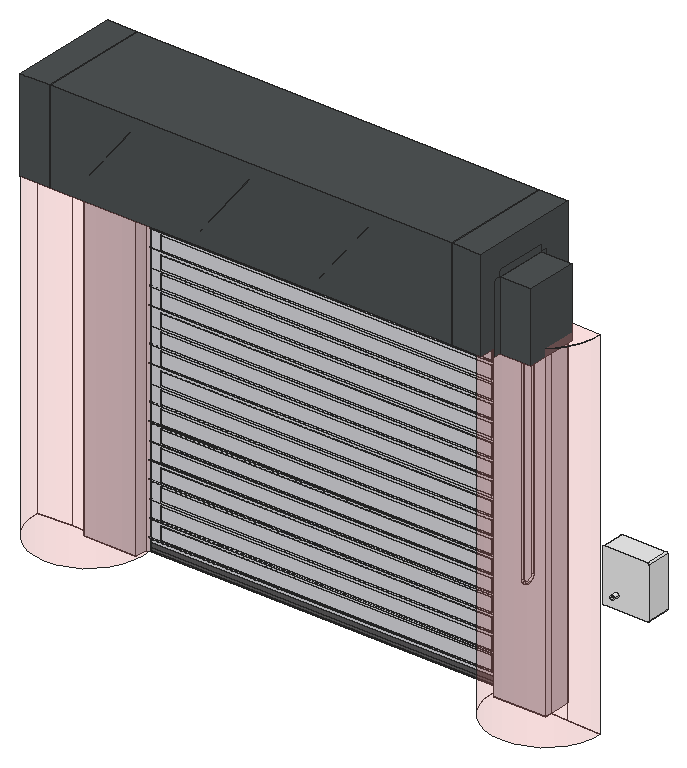
Revit family "RapidView-High-Speed-Exterior-Metal-Door_OHD_Model-999_compact", category Specialty Equipment, host Wall, Revit 2023 (continued)
Definition of nested family "Lifts"
  Definition of nested family "General Motor"
    Dimensions and locks (in)
      aligned and locked: Revolve 1 sketch curve to Revolve 1 sketch curve
      aligned and locked: plane 7 to Sweep 10 sketch curve  (x2)
      aligned and locked: plane 8 to Sweep 10 sketch curve  (x2)
      aligned and locked: Extrusion 11 to plane 9
      aligned and locked: Extrusion 13 sketch curve to Extrusion 13 sketch curve
      aligned and locked: cut or joined group of Extrusion 11, Extrusion 12, Extrusion 13 to Extrusion 13 sketch curve
      aligned and locked: Extrusion 13 sketch curve to cut or joined group of Extrusion 11, Extrusion 12, Extrusion 13
    Automatic sketch dimensions
      Revolve 1 sketch curve to plane 5 = 0' - 0"
      Revolve 1 sketch curve to plane 4 = 0' - 1.965"
      Revolve 1 sketch curve to level = 0' - 4.941"
      Revolve 1 sketch curve to Revolve 1 sketch curve = 0' - 0.256"
      Revolve 1 sketch curve to Revolve 1 sketch curve = 0' - 1.142"
      Revolve 1 sketch curve to Revolve 1 sketch curve = 0' - 4.843"
      Revolve 1 sketch curve to Revolve 1 sketch curve = 0' - 1.339"
      Revolve 1 sketch curve to Revolve 1 sketch curve = 0' - 2.48"
      plane 5 to Revolve 1 sketch curve = 0' - 1.347"
      Revolve 1 sketch curve to plane 1 "Center (Front/Back)" = 0' - 8.066"
      Revolve 1 sketch curve to Revolve 1 sketch curve = 0' - 1.07288"
      Revolve 1 sketch curve to Revolve 1 sketch curve = 0' - 0.62812"
      Revolve 1 sketch curve to Revolve 1 sketch curve = 0' - 0.651"
      Revolve 1 sketch curve to plane 1 "Center (Front/Back)" = 0' - 5.704"
      Revolve 1 sketch curve to Revolve 1 sketch curve = 0' - 0.128"
      Revolve 1 sketch curve to Revolve 1 sketch curve = 0' - 0.067"
      Revolve 1 sketch curve to Revolve 1 sketch curve = 0' - 2.598"
      Extrusion 2 sketch curve to level = 0' - 6.339"
      Extrusion 2 sketch curve to Extrusion 2 sketch curve = 0' - 4.843"
      Extrusion 2 sketch curve to plane 1 "Center (Front/Back)" = 1' - 1 7/8"
      Extrusion 2 sketch curve to Extrusion 2 sketch curve = 0' - 6"
      plane 1 "Center (Front/Back)" to Extrusion 3 sketch curve = 0' - 0"
      Extrusion 3 sketch curve to plane 1 "Center (Front/Back)" = 0' - 1.755"
      plane 3 "Center (Left/Right)" to Extrusion 3 sketch curve = 0' - 5.729"
      Extrusion 3 sketch curve to Extrusion 3 sketch curve = 0' - 0 1/4"  (x2)
      Extrusion 3 sketch curve to Extrusion 3 sketch curve = 0' - 0.76325"
      Extrusion 3 sketch curve to Extrusion 3 sketch curve = 0' - 0.14434"
      Extrusion 3 sketch curve to plane 3 "Center (Left/Right)" = 0' - 1.14825"
      Extrusion 3 sketch curve to Extrusion 3 sketch curve = 0' - 0.06699"
      Extrusion 3 sketch curve to Extrusion 3 sketch curve = 0' - 1.67401"
      Extrusion 4 sketch curve to plane 3 "Center (Left/Right)" = 0' - 3.771"
      Extrusion 4 sketch curve to plane 3 "Center (Left/Right)" = 0' - 1.14825"  (x2)
      plane 3 "Center (Left/Right)" to Extrusion 4 sketch curve = 0' - 0.58575"
      Extrusion 4 sketch curve to Extrusion 4 sketch curve = 0' - 1.95325"  (x2)
      Extrusion 4 sketch curve to Extrusion 4 sketch curve = 0' - 3.19"  (x2)
      Extrusion 4 sketch curve to level = 0' - 5.9755"
      Extrusion 4 sketch curve to Extrusion 4 sketch curve = 0' - 1.4155"
      Extrusion 4 sketch curve to Extrusion 4 sketch curve = 0' - 2 1/4"  (x2)
      Extrusion 4 sketch curve to Extrusion 4 sketch curve = 0' - 1 1/4"  (x2)
      level to Extrusion 4 sketch curve = 0' - 3.31"
      level to Extrusion 4 sketch curve = 0' - 3.7255"
      Extrusion 5 sketch curve to level = 0' - 3.17729"
      Extrusion 5 sketch curve to Extrusion 5 sketch curve = 0' - 1.27271"  (x2)
      Extrusion 5 sketch curve to plane 1 "Center (Front/Back)" = 0' - 1.18157"
      Extrusion 5 sketch curve to Extrusion 5 sketch curve = 0' - 0.325"  (x2)
      Extrusion 5 sketch curve to plane 1 "Center (Front/Back)" = 0' - 1.441"
      Extrusion 5 sketch curve to Extrusion 5 sketch curve = 0' - 4.99"
      Extrusion 5 sketch curve to Extrusion 5 sketch curve = 0' - 0.39"  (x2)
      Extrusion 5 sketch curve to Extrusion 5 sketch curve = 0' - 2.93885"
      Extrusion 5 sketch curve to Extrusion 5 sketch curve = 0' - 3.2"
      Extrusion 6 sketch curve to plane 3 "Center (Left/Right)" = 0' - 4 1/2"
      Extrusion 6 sketch curve to Extrusion 6 sketch curve = 0' - 2"
      Extrusion 6 sketch curve to plane 3 "Center (Left/Right)" = 0' - 2.06343"
      plane 3 "Center (Left/Right)" to Extrusion 6 sketch curve = 0' - 2.06343"
      plane 3 "Center (Left/Right)" to Extrusion 6 sketch curve = 0' - 2 1/2"
      Extrusion 6 sketch curve to Extrusion 6 sketch curve = 0' - 2.43657"
      Extrusion 6 sketch curve to level = 0' - 10.775"
      Extrusion 6 sketch curve to Extrusion 6 sketch curve = 0' - 1.01"
      Extrusion 6 sketch curve to level = 0' - 4.775"  (x2)
      Extrusion 7 sketch curve to plane 1 "Center (Front/Back)" = 0' - 0 1/4"
      level to Extrusion 7 sketch curve = 0' - 3.346"
      Extrusion 7 sketch curve to level = 0' - 3.346"
      Extrusion 8 sketch curve to plane 6 = 0' - 0"
      Extrusion 8 sketch curve to plane 1 "Center (Front/Back)" = 0' - 10.6"
      Extrusion 8 sketch curve to Extrusion 8 sketch curve = 0' - 2.6"
      Extrusion 9 sketch curve to plane 1 "Center (Front/Back)" = 0' - 8.066"
      Extrusion 9 sketch curve to level = 1' - 5.19509"
      Sweep 10 sketch curve to profile plane = 0' - 0.2675"
      profile plane to Sweep 10 sketch curve = 0' - 3.18196"
      Masking region 2 sketch curve to plane 3 "Center (Left/Right)" = 0' - 0"
      Masking region 2 sketch curve to plane 3 "Center (Left/Right)" = 0' - 1.97"  (x2)
      Masking region 2 sketch curve to Masking region 2 sketch curve = 0' - 0.53"  (x4)
      plane 3 "Center (Left/Right)" to Masking region 2 sketch curve = 0' - 1.97"  (x2)
      Masking region 2 sketch curve to plane 1 "Center (Front/Back)" = 0' - 1.18157"  (x2)
      Masking region 2 sketch curve to Masking region 2 sketch curve = 0' - 0.39"  (x4)
      Masking region 2 sketch curve to Masking region 2 sketch curve = 0' - 2.93885"  (x2)
      Masking region 2 sketch curve to Masking region 2 sketch curve = 0' - 3.16557"
      Masking region 1 sketch curve to Masking region 1 sketch curve = 0' - 0"  (x2)
      plane 1 "Center (Front/Back)" to Masking region 1 sketch curve = 0' - 0"
      Masking region 1 sketch curve to plane 3 "Center (Left/Right)" = 0' - 0"
      Masking region 1 sketch curve to plane 1 "Center (Front/Back)" = 0' - 0 1/4"
      Masking region 1 sketch curve to plane 3 "Center (Left/Right)" = 0' - 1.14825"
      Masking region 1 sketch curve to plane 3 "Center (Left/Right)" = 0' - 1.97"
      Masking region 1 sketch curve to Masking region 1 sketch curve = 0' - 0.82175"
      Masking region 1 sketch curve to Masking region 1 sketch curve = 0' - 0.25576"  (x2)
      Masking region 1 sketch curve to Masking region 1 sketch curve = 0' - 0.53"  (x2)
      Masking region 1 sketch curve to plane 3 "Center (Left/Right)" = 0' - 2 1/2"
      plane 3 "Center (Left/Right)" to Masking region 1 sketch curve = 0' - 1.97"  (x2)
      plane 3 "Center (Left/Right)" to Masking region 1 sketch curve = 0' - 2 1/2"
      Masking region 1 sketch curve to Masking region 1 sketch curve = 0' - 0.33924"  (x2)
      Masking region 1 sketch curve to Masking region 1 sketch curve = 0' - 0.065"
      Masking region 1 sketch curve to Masking region 1 sketch curve = 0' - 1.23391"
      Masking region 1 sketch curve to Masking region 1 sketch curve = 0' - 2.07141"
      Masking region 1 sketch curve to Masking region 1 sketch curve = 0' - 0.14434"
      Masking region 1 sketch curve to Masking region 1 sketch curve = 0' - 1.68009"
      Masking region 1 sketch curve to Masking region 1 sketch curve = 0' - 0 1/4"
      Masking region 1 sketch curve to plane 1 "Center (Front/Back)" = 0' - 0.25881"
      Masking region 1 sketch curve to Masking region 1 sketch curve = 0' - 0.92276"  (x2)
      Masking region 1 sketch curve to plane 1 "Center (Front/Back)" = 0' - 1.755"
      Masking region 1 sketch curve to Masking region 1 sketch curve = 0' - 0.06699"
      Masking region 1 sketch curve to Masking region 1 sketch curve = 0' - 1.67401"
      Masking region 1 sketch curve to Masking region 1 sketch curve = 0' - 3.71885"  (x2)
      Masking region 1 sketch curve to Masking region 1 sketch curve = 0' - 0.49957"
      Masking region 1 sketch curve to Masking region 1 sketch curve = 0' - 0.97228"
      Masking region 1 sketch curve to Masking region 1 sketch curve = 0' - 1.47185"
      Masking region 1 sketch curve to Masking region 1 sketch curve = 0' - 0.35372"
      Masking region 1 sketch curve to Masking region 1 sketch curve = 0' - 2.68"  (x2)
      Masking region 1 sketch curve to Masking region 1 sketch curve = 0' - 1.194"
      Masking region 1 sketch curve to Masking region 1 sketch curve = 0' - 4.469"
      Masking region 3 sketch curve to plane 9 = 0' - 0"
      plane 9 to Masking region 3 sketch curve = 0' - 0.06"  (x2)
      Masking region 3 sketch curve to plane 3 "Center (Left/Right)" = 0' - 4.611"
      plane 1 "Center (Front/Back)" to Masking region 3 sketch curve = 0' - 2 1/2"
      plane 1 "Center (Front/Back)" to Masking region 3 sketch curve = 0' - 0 1/2"
      Masking region 3 sketch curve to plane 1 "Center (Front/Back)" = 1' - 4.7"
      Masking region 3 sketch curve to Masking region 3 sketch curve = 0' - 2"
      curve 6 to plane 3 "Center (Left/Right)" = 0' - 2 1/2"
      plane 9 to curve 7 = 0' - 0.06"
      plane 1 "Center (Front/Back)" to curve 7 = 0' - 2 1/2"
      curve 1 to plane 1 "Center (Front/Back)" = 0' - 0.626"
      curve 1 to plane 3 "Center (Left/Right)" = 0' - 1.97"
      curve 2 to plane 1 "Center (Front/Back)" = 0' - 0.626"
      plane 3 "Center (Left/Right)" to curve 2 = 0' - 1.97"
      curve 2 to curve 3 = 0' - 0.53"
      curve 3 to curve 5 = 0' - 0.065"
      curve 5 to curve 4 = 0' - 0.005"
      curve 2 to curve 4 = 0' - 4.774"
      curve 4 to curve 2 = 0' - 0.97228"
      curve 1 to curve 2 = 0' - 0"
      curve 2 to curve 4 = 0' - 1.31333"
      curve 4 to curve 5 = 0' - 0.79317"
      curve 1 to curve 6 = 0' - 2.40055"
      curve 5 to curve 3 = 0' - 0.29406"
      curve 6 to curve 6 = 0' - 0.63317"
      curve 3 to curve 5 = 0' - 0.63317"
      curve 5 to curve 3 = 0' - 4.469"
      curve 3 to curve 7 = 0' - 4.825"
      Sweep 10 sketch curve to plane 1 "Center (Front/Back)" = 0' - 10 7/16"
      Sweep 10 sketch curve to Sweep 10 sketch curve = 0' - 2 7/16"
      radius of Extrusion 9 sketch curve = 0' - 1.34"
      radius of Sweep 10 sketch curve = 0' - 0.2675"
      radius of Masking region 2 sketch curve = 0' - 2.598"
Definition of nested family "Slat"
  Parameters (values of type "Slat")
    Standard Slat Material = none
    Standard Slat Bottom Rail [instance] = if(and(Bottom Rail, Standard Slat), 1 < 2, 1 > 2)  # no
    Standard Slat [instance] = 1 = 2  # no
    Slat Thickness = 0' - 1.18227"
    Slat Option [instance] = 1
    Slat Height = 0' - 5 13/16"
    Polycarbonated Slat Material = none
    Polycarbonate Slat Bottom Rail [instance] = if(and(Bottom Rail, Polycarbonate Slat), 1 < 2, 1 > 2)  # no
    Polycarbonate Slat [instance] = if(or(Slat Option > 2, Slat Option = 2), 1 < 2, 1 > 2)  # no
    Perforated Slat Material = none
    Perforated Slat Length = (Door Width / 40) * 37  # 9' - 3"
    Perforated Slat Bottom Rail [instance] = if(and(Bottom Rail, Perforated Slat), 1 < 2, 1 > 2)  # no
    Perforated Slat [instance] = if(or(Slat Option < 1, Slat Option = 1), 1 < 2, 1 > 2)  # yes
    Door Width = 10' - 0"
    Default Elevation = 4' - 0"
    Bottom Rail [instance] = no
  Reference planes (in)
    plane 1 "Center (Front/Back)": y = 0
    plane 2: z = 0
    plane 3 "Center (Left/Right)": x = 0
    plane 4: x = -60
    plane 5: x = 60
    plane 6: z = 5.8125
    plane 7: y = -0.59114
    plane 8: y = 0.59114
    plane 9: y = -0.32455
    plane 10: y = -0.32455
    plane 11: y = -0.32455
  Forms (in)
    Extrusion 1, solid, material <- "Standard Slat Material", visible <- "Standard Slat"
      sketch origin (0, 0, 0) x (0, 1, 0) y (0, 0, 1)
        loop
          line (0.02508, 0) -> (0.59114, 0) -> (0.59114, 5.8125) -> (0.02508, 5.8125) -> (-0.59114, 5.19629) -> (-0.59114, 0.61621) -> (0.02508, 0)
      from -60 to 60
    Extrusion 2, solid, material <- "Standard Slat Material", visible <- "Standard Slat"
      sketch origin (0, 0, 0) x (0, 1, 0) y (0, 0, 1)
        loop
          line (-0.67418, 5.8125) -> (-0.67418, 0)
          arc (-0.67418, 0) -> (-0.32455, -0.34963) -> (0.02508, 0) r 0.34963
          line (0.02508, 0) -> (-0.59114, 0.61621) -> (-0.59114, 5.19629) -> (0.02508, 5.8125)
          arc (0.02508, 5.8125) -> (-0.32455, 6.16213) -> (-0.67418, 5.8125) r 0.34963
      from -60 to 60
    Extrusion 3, solid, material <- "Standard Slat Material", visible <- "Perforated Slat"
      sketch origin (0, 0, 0) x (0, 1, 0) y (0, 0, 1)
        loop
          line (0.02508, 0) -> (0.59114, 0) -> (0.59114, 5.8125) -> (0.02508, 5.8125) -> (-0.59114, 5.19629) -> (-0.59114, 0.61621) -> (0.02508, 0)
      from -60 to 60
    Extrusion 4, solid, material <- "Standard Slat Material", visible <- "Perforated Slat"
      sketch origin (0, 0, 0) x (0, 1, 0) y (0, 0, 1)
        loop
          line (-0.67418, 5.8125) -> (-0.67418, 0)
          arc (-0.67418, 0) -> (-0.32455, -0.34963) -> (0.02508, 0) r 0.34963
          line (0.02508, 0) -> (-0.59114, 0.61621) -> (-0.59114, 5.19629) -> (0.02508, 5.8125)
          arc (0.02508, 5.8125) -> (-0.32455, 6.16213) -> (-0.67418, 5.8125) r 0.34963
      from -60 to 60
    Extrusion 5, solid, material <- "Standard Slat Material", visible <- "Polycarbonate Slat"
      sketch origin (0, 0, 0) x (0, 1, 0) y (0, 0, 1)
        loop
          line (0.02508, 0) -> (0.59114, 0) -> (0.59114, 5.8125) -> (0.02508, 5.8125) -> (-0.59114, 5.19629) -> (-0.59114, 0.61621) -> (0.02508, 0)
      from -60 to 60
    Extrusion 6, solid, material <- "Standard Slat Material", visible <- "Polycarbonate Slat"
      sketch origin (0, 0, 0) x (0, 1, 0) y (0, 0, 1)
        loop
          line (-0.67418, 5.8125) -> (-0.67418, 0)
          arc (-0.67418, 0) -> (-0.32455, -0.34963) -> (0.02508, 0) r 0.34963
          line (0.02508, 0) -> (-0.59114, 0.61621) -> (-0.59114, 5.19629) -> (0.02508, 5.8125)
          arc (0.02508, 5.8125) -> (-0.32455, 6.16213) -> (-0.67418, 5.8125) r 0.34963
      from -60 to 60
    Extrusion 7, solid, material <- "Standard Slat Material", visible <- "Standard Slat Bottom Rail"
      sketch origin (0, 0, 0) x (0, 1, 0) y (0, 0, 1)
        loop
          line (-0.59114, -0.22622) -> (-0.59114, -1.0625) -> (0.59114, -1.0625) -> (0.59114, 0) -> (0.02508, 0)
          arc (0.02508, 0) -> (-0.20406, -0.32821) -> (-0.59114, -0.22622) r 0.34963
      from -60 to 60
    Extrusion 8, solid, material <- "Standard Slat Material", visible <- "Perforated Slat Bottom Rail"
      sketch origin (0, 0, 0) x (0, 1, 0) y (0, 0, 1)
        loop
          line (-0.59114, -0.22622) -> (-0.59114, -1.0625) -> (0.59114, -1.0625) -> (0.59114, 0) -> (0.02508, 0)
          arc (0.02508, 0) -> (-0.20406, -0.32821) -> (-0.59114, -0.22622) r 0.34963
      from -60 to 60
    Extrusion 9, solid, material <- "Standard Slat Material", visible <- "Polycarbonate Slat Bottom Rail"
      sketch origin (0, 0, 0) x (0, 1, 0) y (0, 0, 1)
        loop
          line (-0.59114, -0.22622) -> (-0.59114, -1.0625) -> (0.59114, -1.0625) -> (0.59114, 0) -> (0.02508, 0)
          arc (0.02508, 0) -> (-0.20406, -0.32821) -> (-0.59114, -0.22622) r 0.34963
      from -60 to 60
    Extrusion 10, void
      sketch origin (0, 0, 0) x (1, 0, 0) y (0, 0, 1)
        loop
          line (-55.5, 5.19629) -> (-55.5, 0.61621) -> (55.5, 0.61621) -> (55.5, 5.19629) -> (-55.5, 5.19629)
      from -3.39847 to 3.48063
    Extrusion 11, solid, material <- "Perforated Slat Material", visible <- "Perforated Slat"
      sketch origin (0, 0, 0) x (1, 0, 0) y (0, 0, 1)
        loop
          line (-55.5, 5.19629) -> (-55.5, 0.61621) -> (55.5, 0.61621) -> (55.5, 5.19629) -> (-55.5, 5.19629)
      from -0.59114 to 0.67418
    Extrusion 12, void
      sketch origin (0, 0, 0) x (1, 0, 0) y (0, 0, 1)
        loop
          line (-59, 0.61621) -> (59, 0.61621) -> (59, 5.19629) -> (-59, 5.19629) -> (-59, 0.61621)
      from -9.08759 to 12
    Extrusion 13, solid, material <- "Polycarbonated Slat Material", visible <- "Polycarbonate Slat"
      sketch origin (0, 0, 0) x (1, 0, 0) y (0, 0, 1)
        loop
          line (-59, 5.19629) -> (-59, 0.61621) -> (59, 0.61621) -> (59, 5.19629) -> (-59, 5.19629)
      from -0.59114 to 0.67418
  Cuts and joins
    Extrusion 10 cuts Extrusion 4
    Extrusion 10 cuts Extrusion 3
    Extrusion 12 cuts Extrusion 6
    Extrusion 12 cuts Extrusion 5
  Lines and regions (in)
    model lines
      curve 1: line (-60, -0.67418, 5.8125) -> (60, -0.67418, 5.8125)
  Dimensions and locks (in)
    equal spacing: plane 4, plane 3 "Center (Left/Right)", plane 5
    "Door Width": plane 4 to plane 5
    "Slat Height": plane 6 to level
    equal spacing: plane 7, plane 1 "Center (Front/Back)", plane 8
    "Slat Thickness": plane 7 to plane 8
    locked: Extrusion 1 sketch curve to Extrusion 1 sketch curve at 0.56606
    locked: plane 9 to plane 8 at 0.91569
    locked: Extrusion 3 sketch curve to Extrusion 3 sketch curve at 0.56606
    locked: Extrusion 5 sketch curve to Extrusion 5 sketch curve at 0.56606
    locked: level to Extrusion 7 sketch curve at 1.0625
    "Perforated Slat Length": Extrusion 10 sketch curve to Extrusion 10 sketch curve
    equal spacing: Extrusion 10 sketch curve, plane 3 "Center (Left/Right)", Extrusion 10 sketch curve
    equal spacing: Extrusion 11 sketch curve, plane 3 "Center (Left/Right)", Extrusion 11 sketch curve
    "Perforated Slat Length": Extrusion 11 sketch curve to Extrusion 11 sketch curve
    locked: plane 5 to Extrusion 12 sketch curve at 1
    locked: plane 4 to Extrusion 12 sketch curve at 1
    locked: plane 5 to Extrusion 13 sketch curve at 1
    locked: plane 4 to Extrusion 13 sketch curve at 1
    locked: Extrusion 1 sketch curve to Extrusion 1 sketch curve (angle 135.00°)
    locked: Extrusion 1 sketch curve to plane 6 (angle 135.00°)
    locked: Extrusion 3 sketch curve to Extrusion 3 sketch curve (angle 135.00°)
    locked: Extrusion 5 sketch curve to Extrusion 5 sketch curve (angle 135.00°)
    aligned and locked: plane 2 to level
    aligned and locked: Extrusion 1 sketch curve to level
    aligned and locked: Extrusion 1 sketch curve to plane 8
    aligned and locked: Extrusion 1 sketch curve to plane 6
    aligned and locked: Extrusion 1 sketch curve to plane 7
    aligned and locked: plane 5 to Extrusion 1
    aligned and locked: plane 4 to Extrusion 1
    aligned and locked: plane 5 to Extrusion 2
    aligned and locked: plane 4 to Extrusion 2
    aligned and locked: plane 5 to curve 1
    aligned and locked: plane 4 to curve 1
    aligned and locked: plane 5 to Extrusion 6
    aligned and locked: plane 5 to Extrusion 5
    aligned and locked: plane 5 to Extrusion 4
    aligned and locked: plane 5 to Extrusion 3
    aligned and locked: plane 4 to Extrusion 6
    aligned and locked: plane 4 to Extrusion 5
    aligned and locked: plane 4 to Extrusion 4
    aligned and locked: plane 4 to Extrusion 3
    aligned and locked: Extrusion 7 sketch curve to level
    aligned and locked: plane 5 to Extrusion 9
    aligned and locked: plane 5 to Extrusion 8
    aligned and locked: plane 5 to Extrusion 7
    aligned and locked: plane 4 to Extrusion 9
    aligned and locked: plane 4 to Extrusion 8
    aligned and locked: plane 4 to Extrusion 7
  Automatic sketch dimensions
    Extrusion 1 sketch curve to plane 1 "Center (Front/Back)" = 0' - 0.02508"
    Extrusion 2 sketch curve to plane 6 = 0' - 0"
    Extrusion 2 sketch curve to level = 0' - 0"
    Extrusion 2 sketch curve to plane 7 = 0' - 0"
    Extrusion 2 sketch curve to plane 9 = 0' - 0"  (x2)
    plane 7 to Extrusion 2 sketch curve = 0' - 0.08305"
    level to Extrusion 2 sketch curve = 0' - 0.61621"
    Extrusion 2 sketch curve to plane 6 = 0' - 0.61621"
    curve 1 to Extrusion 2 = 0' - 0"
    Extrusion 3 sketch curve to plane 7 = 0' - 0"
    Extrusion 3 sketch curve to plane 6 = 0' - 0"
    Extrusion 3 sketch curve to level = 0' - 0"
    Extrusion 3 sketch curve to plane 8 = 0' - 0"
    Extrusion 3 sketch curve to plane 1 "Center (Front/Back)" = 0' - 0.02508"
    Extrusion 3 sketch curve to plane 6 = 0' - 0.61621"
    Extrusion 4 sketch curve to plane 6 = 0' - 0"
    Extrusion 4 sketch curve to level = 0' - 0"
    Extrusion 4 sketch curve to plane 7 = 0' - 0"
    Extrusion 4 sketch curve to plane 10 = 0' - 0"  (x2)
    plane 7 to Extrusion 4 sketch curve = 0' - 0.08305"
    level to Extrusion 4 sketch curve = 0' - 0.61621"
    Extrusion 4 sketch curve to plane 6 = 0' - 0.61621"
    Extrusion 5 sketch curve to plane 7 = 0' - 0"
    Extrusion 5 sketch curve to plane 6 = 0' - 0"
    Extrusion 5 sketch curve to level = 0' - 0"
    Extrusion 5 sketch curve to plane 8 = 0' - 0"
    Extrusion 5 sketch curve to plane 1 "Center (Front/Back)" = 0' - 0.02508"
    Extrusion 5 sketch curve to plane 6 = 0' - 0.61621"
    Extrusion 6 sketch curve to plane 6 = 0' - 0"
    Extrusion 6 sketch curve to level = 0' - 0"
    Extrusion 6 sketch curve to plane 7 = 0' - 0"
    Extrusion 6 sketch curve to plane 11 = 0' - 0"  (x2)
    plane 7 to Extrusion 6 sketch curve = 0' - 0.08305"
    level to Extrusion 6 sketch curve = 0' - 0.61621"
    Extrusion 6 sketch curve to plane 6 = 0' - 0.61621"
    Extrusion 7 sketch curve to plane 7 = 0' - 0"
    Extrusion 7 sketch curve to plane 8 = 0' - 0"
    plane 1 "Center (Front/Back)" to Extrusion 7 sketch curve = 0' - 0.32455"
    Extrusion 7 sketch curve to plane 1 "Center (Front/Back)" = 0' - 0.02508"
    Extrusion 8 sketch curve to plane 7 = 0' - 0"
    Extrusion 8 sketch curve to level = 0' - 0"
    Extrusion 8 sketch curve to plane 8 = 0' - 0"
    plane 1 "Center (Front/Back)" to Extrusion 8 sketch curve = 0' - 0.32455"
    Extrusion 8 sketch curve to plane 1 "Center (Front/Back)" = 0' - 0.02508"
    Extrusion 8 sketch curve to level = 0' - 1 1/16"
    Extrusion 9 sketch curve to level = 0' - 0"
    Extrusion 9 sketch curve to level = 0' - 0.22622"
    plane 8 to Extrusion 9 sketch curve = 0' - 1.18227"
    Extrusion 9 sketch curve to Extrusion 9 sketch curve = 0' - 0.26658"
    Extrusion 9 sketch curve to Extrusion 9 sketch curve = 0' - 1.18227"
    Extrusion 9 sketch curve to level = 0' - 1 1/16"
    level to Extrusion 12 sketch curve = 0' - 0.61621"
    Extrusion 12 sketch curve to plane 6 = 0' - 0.61621"
    Extrusion 13 sketch curve to plane 6 = 0' - 0.61621"
    level to Extrusion 13 sketch curve = 0' - 0.61621"
    level to Extrusion 10 sketch curve = 0' - 0.61621"
    Extrusion 10 sketch curve to plane 6 = 0' - 0.61621"
    level to Extrusion 11 sketch curve = 0' - 0.61621"
    Extrusion 11 sketch curve to plane 6 = 0' - 0.61621"
Types (3): name | External Transformer | Voltage | Apparent Load Phase 3 | Apparent Load Phase 2 | Apparent Load Phase 1
  230 volts, three phase, 60 Hz (208-245V range) | no | 230 V | 2655.81 VA | 2655.81 VA | 2655.81 VA
  460 volts, three phase, 60 Hz (456-495V range) | no | 460 V | 5311.62 VA | 5311.62 VA | 5311.62 VA
  575 volts, three phase, 60 Hz | yes | 575 V | 6639.53 VA | 6639.53 VA | 6639.53 VA
